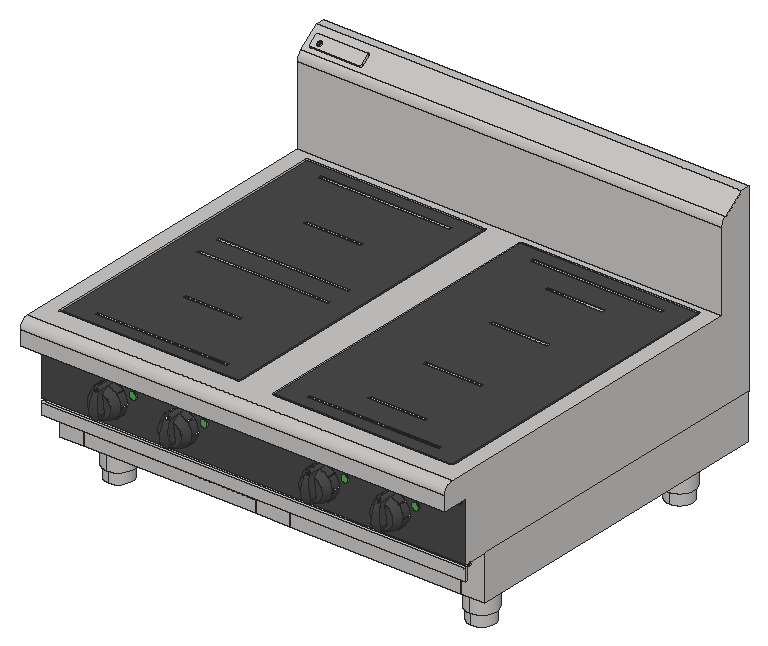
Revit family "QF_Moffat_INB8400R3F-B_Induction_Cooktop_cat", category Specialty Equipment, Revit 2019
Family settings
  Round Connector Dimension = Use Diameter
  Part Type = Normal
  Work Plane-Based = No
  Always vertical = Yes
  Cut with Voids When Loaded = No
  Shared = No
  Room Calculation Point = No
Parameters (values of type "INB8400R3F-B_415/60/3")
  Weight in Kilograms = 105
  Watts = 17000 W
  Volts = 415 V
  URL Cutsheet = ""
  Specification by User = ""
  Specification by Manufacturer = ""
  Show Logo [instance] = yes
  Serial Number = ""
  Seismic Rating = ""
  SMACNA No = ""
  Revision Code = ""
  Phase = 3
  Number of Poles = 1
  NAFEM Spec ID Number = ""
  Model = "INB8400R3F-B"
  Min Ckt Ampacity = 0 A
  Max Overcurrent Protection = 0 A
  Masterspec = ""
  Manufacturer = "Moffat"
  Length = 900 mm
  Item Number = ""
  Installed By = ""
  Identify Quantity as Lot = yes
  Height = 570 mm
  HP = ""
  Furnished By = ""
  Foodservice Equipment Identifier = yes
  FL Amps = 24 A
  Electrical Remarks = ""
  Electric Connection Type = ""
  Elec Conn RI Height = 0 mm
  Elec Conn Connection Height = 0 mm
  Description = "Induction Cooktop"
  Depth = 805 mm
  Cycle = 60 Hz
  Conn Plug = ""
  Conn Conduit = yes
  CSI MasterFormat = ""
  Apparent Power = if(Phase = 3, Volts * FL Amps * 1.73, Volts * FL Amps)  # 17230.8 VA
Reference planes
  plane 1 "BACK": y = 0
  plane 2: z = 0
  plane 3 "LEFT": x = 0
  plane 4 "RIGHT": x = 900
  plane 5 "FRONT": y = -805
  plane 6 "TOP": z = 570
  plane 7 "Center Y": x = 450
  plane 8 "Center X": y = -402.5
  plane 9: x = 65.5
  plane 10: y = -30
  plane 11: x = 770
  plane 12: z = 85
  plane 13: y = -100
  plane 14: y = -625
  plane 15: y = -70
  plane 16: z = 355
  plane 17: z = 75
  plane 18: x = 834.5
Forms (mm)
  Extrusion 1, solid, material "QF_Metal_Stainless_Polished"
    sketch origin (0, 0, 0) x (0, 1, 0) y (0, 0, 1)
      loop
        line (0, 180) -> (0, 570) -> (-18.182, 570) -> (-60.863, 538.99)
        arc (-60.863, 538.99) -> (-67.584, 531.121) -> (-70, 521.058) r 22.165
        line (-70, 521.058) -> (-70, 355) -> (-784.417, 355)
        arc (-784.417, 355) -> (-798.971, 348.971) -> (-805, 334.417) r 20.583
        line (-805, 334.417) -> (-805, 305) -> (-749, 305) -> (-749, 180) -> (0, 180)
    from 0 to 900
  Extrusion 2, void
    sketch origin (0, -784.171, 355) x (0, 1, 0) y (-1, 0, 0)
      loop
        arc (699.341, -37.323) -> (697.584, -33.08) -> (693.341, -31.323) r 6
        line (693.341, -31.323) -> (45.245, -31.323)
        arc (45.245, -31.323) -> (41.002, -33.08) -> (39.245, -37.323) r 6
        line (39.245, -37.323) -> (39.245, -410.105)
        arc (39.245, -410.105) -> (41.002, -414.347) -> (45.245, -416.105) r 6
        line (45.245, -416.105) -> (693.341, -416.105)
        arc (693.341, -416.105) -> (697.584, -414.347) -> (699.341, -410.105) r 6
        line (699.341, -410.105) -> (699.341, -37.323)
      loop
        line (699.341, -862.677) -> (699.341, -489.895)
        arc (699.341, -489.895) -> (697.584, -485.653) -> (693.341, -483.895) r 6
        line (693.341, -483.895) -> (45.245, -483.895)
        arc (45.245, -483.895) -> (41.002, -485.653) -> (39.245, -489.895) r 6
        line (39.245, -489.895) -> (39.245, -862.677)
        arc (39.245, -862.677) -> (41.002, -866.92) -> (45.245, -868.677) r 6
        line (45.245, -868.677) -> (693.341, -868.677)
        arc (693.341, -868.677) -> (697.584, -866.92) -> (699.341, -862.677) r 6
    from 0 to -9.5
  Extrusion 3, solid, material "QF_Plastic_Black_Smooth"
    sketch origin (0, -784.171, 355) x (0, 1, 0) y (-1, 0, 0)
      loop
        line (695.341, -410.105) -> (695.341, -37.323)
        arc (695.341, -37.323) -> (694.755, -35.908) -> (693.341, -35.323) r 2
        line (693.341, -35.323) -> (45.245, -35.323)
        arc (45.245, -35.323) -> (43.831, -35.908) -> (43.245, -37.323) r 2
        line (43.245, -37.323) -> (43.245, -410.105)
        arc (43.245, -410.105) -> (43.831, -411.519) -> (45.245, -412.105) r 2
        line (45.245, -412.105) -> (693.341, -412.105)
        arc (693.341, -412.105) -> (694.755, -411.519) -> (695.341, -410.105) r 2
      loop
        line (667.194, -86.598) -> (661.194, -86.598) -> (661.194, -363.75) -> (667.194, -363.75) -> (667.194, -86.598)
      loop
        line (526.611, -163.924) -> (526.611, -283.924) -> (532.611, -283.924) -> (532.611, -163.924) -> (526.611, -163.924)
      loop
        line (398.444, -86.598) -> (392.444, -86.598) -> (392.444, -363.75) -> (398.444, -363.75) -> (398.444, -86.598)
      loop
        line (345.944, -86.598) -> (339.944, -86.598) -> (339.944, -363.75) -> (345.944, -363.75) -> (345.944, -86.598)
      loop
        line (206.611, -163.924) -> (206.611, -283.924) -> (212.611, -283.924) -> (212.611, -163.924) -> (206.611, -163.924)
      loop
        line (77.194, -86.598) -> (71.194, -86.598) -> (71.194, -363.75) -> (77.194, -363.75) -> (77.194, -86.598)
      loop
        arc (695.341, -489.895) -> (694.755, -488.481) -> (693.341, -487.895) r 2
        line (693.341, -487.895) -> (45.245, -487.895)
        arc (45.245, -487.895) -> (43.831, -488.481) -> (43.245, -489.895) r 2
        line (43.245, -489.895) -> (43.245, -862.677)
        arc (43.245, -862.677) -> (43.831, -864.092) -> (45.245, -864.677) r 2
        line (45.245, -864.677) -> (693.341, -864.677)
        arc (693.341, -864.677) -> (694.755, -864.092) -> (695.341, -862.677) r 2
        line (695.341, -862.677) -> (695.341, -489.895)
      loop
        line (667.194, -813.402) -> (667.194, -536.25) -> (661.194, -536.25) -> (661.194, -813.402) -> (667.194, -813.402)
      loop
        line (601.611, -736.076) -> (607.611, -736.076) -> (607.611, -616.076) -> (601.611, -616.076) -> (601.611, -736.076)
      loop
        line (279.111, -736.076) -> (285.111, -736.076) -> (285.111, -616.076) -> (279.111, -616.076) -> (279.111, -736.076)
      loop
        line (77.194, -813.402) -> (77.194, -536.25) -> (71.194, -536.25) -> (71.194, -813.402) -> (77.194, -813.402)
      loop
        line (454.501, -736.076) -> (460.501, -736.076) -> (460.501, -616.076) -> (454.501, -616.076) -> (454.501, -736.076)
      loop
        line (131.211, -736.076) -> (137.211, -736.076) -> (137.211, -616.076) -> (131.211, -616.076) -> (131.211, -736.076)
    from 0 to -9.5
  Extrusion 4, solid, material "QF_Metal_Stainless_Polished"
    sketch origin (0, 0, 40) x (0, 1, 0) y (0, 0, 1)
      loop
        line (-739.467, 140) -> (-738.192, 134.838)
        arc (-738.192, 134.838) -> (-738.307, 134.302) -> (-738.799, 134.063) r 0.625
        line (-738.799, 134.063) -> (-746.111, 134.063)
        arc (-746.111, 134.063) -> (-748.011, 133.276) -> (-748.797, 131.377) r 2.686
        line (-748.797, 131.377) -> (-748.797, 107.627) -> (-747.197, 107.627) -> (-747.197, 131.242)
        arc (-747.197, 131.242) -> (-746.84, 132.105) -> (-745.976, 132.463) r 1.221
        line (-745.976, 132.463) -> (-738.755, 132.463)
        arc (-738.755, 132.463) -> (-737.028, 133.304) -> (-736.625, 135.182) r 2.194
        line (-736.625, 135.182) -> (-737.815, 140) -> (-739.467, 140)
    from 0 to 900
  Extrusion 5, solid, material "QF_Plastic_Black_Smooth"
    sketch origin (0, -749, 181.875) x (0, 0, 1) y (-1, 0, 0)
      loop
        circle (112.843, -13.157) r 5
      loop
        circle (112.843, -886.843) r 5
    from 0 to 1.6
  Extrusion 6, solid, material "QF_Metal_Stainless_Polished"
    sketch origin (450, -699, 85) x (0, 1, 0) y (1, 0, 0)
      loop
        circle (669, 320) r 6.35
    from 0 to 10
  Extrusion 7, solid, material "QF_Metal_Stainless_Polished"
    sketch origin (0, -699, 85) x (1, 0, 0) y (0, -1, 0)
      loop
        line (0, -699) -> (900, -699) -> (900, 0) -> (849.2, 0) -> (849.2, -25.4) -> (485.8, -25.4) -> (485.8, 0) -> (414.2, 0) -> (414.2, -25.4) -> (50.8, -25.4) -> (50.8, 0) -> (0, 0) -> (0, -699)
    from 0 to -95
  Extrusion 8, solid, material "QF_Metal_Stainless_Polished"
    sketch origin (50.8, -30, 85) x (0, 1, 0) y (0, 0, 1)
      loop
        line (-669, 0) -> (-643.6, 0) -> (-643.6, 26.45) -> (-669, 26.45) -> (-669, 0)
      loop
        line (-669, 32.45) -> (-643.6, 32.45) -> (-643.6, 66.4) -> (-669, 66.4) -> (-669, 32.45)
      loop
        line (-669, 67.4) -> (-643.6, 67.4) -> (-643.6, 95) -> (-669, 95) -> (-669, 67.4)
    from 0 to 363.4
  Revolve 9, solid, material "QF_Metal_Stainless_Polished"
    sketch origin (65.5, -4572, -304.8) x (0, 0, -1) y (0, -1, 0)
      loop
        line (-304.8, -4499.5) -> (-304.8, -4472) -> (-389.8, -4472) -> (-389.8, -4503.75) -> (-329.8, -4503.75) -> (-329.8, -4499.5) -> (-304.8, -4499.5)
      axis (-389.8, -4472) -> (-304.8, -4472)
    angle from 0 to 360
  Revolve 10, solid, material "QF_Metal_Stainless_Polished"
    sketch origin (65.5, -4572, -304.8) x (0, 0, -1) y (0, -1, 0)
      loop
        line (-304.8, -3974.5) -> (-304.8, -3947) -> (-389.8, -3947) -> (-389.8, -3978.75) -> (-329.8, -3978.75) -> (-329.8, -3974.5) -> (-304.8, -3974.5)
      axis (-389.8, -3947) -> (-304.8, -3947)
    angle from 0 to 360
  Revolve 11, solid, material "QF_Metal_Stainless_Polished"
    sketch origin (834.5, -4572, -304.8) x (0, 0, -1) y (0, 1, 0)
      loop
        line (-304.8, 4499.5) -> (-329.8, 4499.5) -> (-329.8, 4503.75) -> (-389.8, 4503.75) -> (-389.8, 4472) -> (-304.8, 4472) -> (-304.8, 4499.5)
      axis (-389.8, 4472) -> (-304.8, 4472)
    angle from 0 to 360
  Revolve 12, solid, material "QF_Metal_Stainless_Polished"
    sketch origin (834.5, -4572, -304.8) x (0, 0, -1) y (0, 1, 0)
      loop
        line (-304.8, 3974.5) -> (-329.8, 3974.5) -> (-329.8, 3978.75) -> (-389.8, 3978.75) -> (-389.8, 3947) -> (-304.8, 3947) -> (-304.8, 3974.5)
      axis (-389.8, 3947) -> (-304.8, 3947)
    angle from 0 to 360
  Extrusion 13, solid, material "QF_Metal_Stainless_Polished"
    sketch origin (900, 0, 0) x (-1, 0, 0) y (0, -1, 0)
      loop
        line (536.25, 122.976) -> (536.25, 116.976) -> (813.402, 116.976) -> (813.402, 122.976) -> (536.25, 122.976)
      loop
        line (736.076, 251.56) -> (736.076, 257.56) -> (616.076, 257.56) -> (616.076, 251.56) -> (736.076, 251.56)
      loop
        line (813.402, 385.726) -> (813.402, 391.726) -> (536.25, 391.726) -> (536.25, 385.726) -> (813.402, 385.726)
      loop
        line (813.402, 438.226) -> (813.402, 444.226) -> (536.25, 444.226) -> (536.25, 438.226) -> (813.402, 438.226)
      loop
        line (736.076, 571.56) -> (736.076, 577.56) -> (616.076, 577.56) -> (616.076, 571.56) -> (736.076, 571.56)
      loop
        line (536.25, 712.976) -> (536.25, 706.976) -> (813.402, 706.976) -> (813.402, 712.976) -> (536.25, 712.976)
      loop
        line (86.598, 712.976) -> (86.598, 706.976) -> (363.75, 706.976) -> (363.75, 712.976) -> (86.598, 712.976)
      loop
        line (163.924, 652.959) -> (163.924, 646.959) -> (283.924, 646.959) -> (283.924, 652.959) -> (163.924, 652.959)
      loop
        line (163.924, 505.06) -> (163.924, 499.06) -> (283.924, 499.06) -> (283.924, 505.06) -> (163.924, 505.06)
      loop
        line (163.924, 329.669) -> (163.924, 323.669) -> (283.924, 323.669) -> (283.924, 329.669) -> (163.924, 329.669)
      loop
        line (163.924, 182.56) -> (163.924, 176.56) -> (283.924, 176.56) -> (283.924, 182.56) -> (163.924, 182.56)
      loop
        line (86.598, 122.976) -> (86.598, 116.976) -> (363.75, 116.976) -> (363.75, 122.976) -> (86.598, 122.976)
    from 355 to 345.5
  Extrusion 14, solid, material "QF_Paint_Green"
    sketch origin (63.231, -748.999, 153.75) x (0, 0, 1) y (-1, 0, 0)
      loop
        circle (100.3, -282.5) r 7.15
    from 0 to 1.6
  Extrusion 15, solid, material "QF_Plastic_Black_Smooth"
    sketch origin (75, -748.999, 165.625) x (0, 0, 1) y (-1, 0, 0)
      loop
        circle (112.843, -225) r 5
    from 0 to 1.6
  Extrusion 16, solid, material "QF_Paint_Green"
    sketch origin (-86.769, -748.999, 153.75) x (0, 0, 1) y (-1, 0, 0)
      loop
        circle (100.3, -282.5) r 7.15
    from 0 to 1.6
  Extrusion 17, solid, material "QF_Plastic_Black_Smooth"
    sketch origin (-75, -748.999, 165.625) x (0, 0, 1) y (-1, 0, 0)
      loop
        circle (112.843, -225) r 5
    from 0 to 1.6
  Extrusion 18, solid, material "QF_Paint_Green"
    sketch origin (511.981, -748.999, 153.75) x (0, 0, 1) y (-1, 0, 0)
      loop
        circle (100.3, -282.5) r 7.15
    from 0 to 1.6
  Extrusion 19, solid, material "QF_Plastic_Black_Smooth"
    sketch origin (523.75, -748.999, 165.625) x (0, 0, 1) y (-1, 0, 0)
      loop
        circle (112.843, -225) r 5
    from 0 to 1.6
  Extrusion 20, solid, material "QF_Paint_Green"
    sketch origin (361.981, -748.999, 153.75) x (0, 0, 1) y (-1, 0, 0)
      loop
        circle (100.3, -282.5) r 7.15
    from 0 to 1.6
  Extrusion 21, solid, material "QF_Plastic_Black_Smooth"
    sketch origin (373.75, -748.999, 165.625) x (0, 0, 1) y (-1, 0, 0)
      loop
        circle (112.843, -225) r 5
    from 0 to 1.6
  Extrusion 22, solid, material "QF_Metal_Stainless_Polished"
    sketch origin (849.2, -30, 85) x (0, 1, 0) y (0, 0, -1)
      loop
        line (-669, 0) -> (-669, -26.45) -> (-643.6, -26.45) -> (-643.6, 0) -> (-669, 0)
      loop
        line (-669, -32.45) -> (-669, -66.4) -> (-643.6, -66.4) -> (-643.6, -32.45) -> (-669, -32.45)
      loop
        line (-669, -67.4) -> (-669, -95) -> (-643.6, -95) -> (-643.6, -67.4) -> (-669, -67.4)
    from 0 to 363.4
Cuts and joins
  Extrusion 2 cuts Extrusion 1
Lines and regions (mm)
  symbolic lines
    curve 1: line (0, 0, 0) -> (900, 0, 0)
    curve 2: line (0, -805, 0) -> (0, 0, 0)
    curve 3: line (900, -805, 0) -> (0, -805, 0)
    curve 4: line (900, 0, 0) -> (900, -805, 0)
    curve 5: line (0, -18.182, 0) -> (900, -18.182, 0)
    curve 6: line (0, -70, 0) -> (900, -70, 0)
    curve 7: line (37.323, -84.83, 0) -> (410.105, -84.83, 0)
    curve 8: arc (410.105, -84.83, 0) -> (414.347, -86.587, 0) -> (416.105, -90.83, 0) r 6
    curve 9: line (416.105, -90.83, 0) -> (416.105, -738.926, 0)
    curve 10: arc (416.105, -738.926, 0) -> (414.347, -743.168, 0) -> (410.105, -744.926, 0) r 6
    curve 11: line (410.105, -744.926, 0) -> (37.323, -744.926, 0)
    curve 12: arc (37.323, -744.926, 0) -> (33.08, -743.168, 0) -> (31.323, -738.926, 0) r 6
    curve 13: line (31.323, -738.926, 0) -> (31.323, -90.83, 0)
    curve 14: arc (31.323, -90.83, 0) -> (33.08, -86.587, 0) -> (37.323, -84.83, 0) r 6
    curve 15: line (410.105, -88.83, 0) -> (37.323, -88.83, 0)
    curve 16: arc (37.323, -88.83, 0) -> (35.908, -89.415, 0) -> (35.323, -90.83, 0) r 2
    curve 17: line (35.323, -90.83, 0) -> (35.323, -738.926, 0)
    curve 18: arc (35.323, -738.926, 0) -> (35.908, -740.34, 0) -> (37.323, -740.926, 0) r 2
    curve 19: line (37.323, -740.926, 0) -> (410.105, -740.926, 0)
    curve 20: arc (410.105, -740.926, 0) -> (411.519, -740.34, 0) -> (412.105, -738.926, 0) r 2
    curve 21: line (412.105, -738.926, 0) -> (412.105, -90.83, 0)
    curve 22: arc (412.105, -90.83, 0) -> (411.519, -89.415, 0) -> (410.105, -88.83, 0) r 2
    curve 23: line (416.105, -738.926, 0) -> (416.105, -90.83, 0)
    curve 24: line (412.105, -90.83, 0) -> (412.105, -738.926, 0)
    curve 25: line (862.677, -84.83, 0) -> (489.895, -84.83, 0)
    curve 26: arc (489.895, -84.83, 0) -> (485.653, -86.587, 0) -> (483.895, -90.83, 0) r 6
    curve 27: arc (483.895, -738.926, 0) -> (485.653, -743.168, 0) -> (489.895, -744.926, 0) r 6
    curve 28: line (489.895, -744.926, 0) -> (862.677, -744.926, 0)
    curve 29: arc (862.677, -744.926, 0) -> (866.92, -743.168, 0) -> (868.677, -738.926, 0) r 6
    curve 30: line (868.677, -738.926, 0) -> (868.677, -90.83, 0)
    curve 31: arc (868.677, -90.83, 0) -> (866.92, -86.587, 0) -> (862.677, -84.83, 0) r 6
    curve 32: line (489.895, -88.83, 0) -> (862.677, -88.83, 0)
    curve 33: arc (862.677, -88.83, 0) -> (864.092, -89.415, 0) -> (864.677, -90.83, 0) r 2
    curve 34: line (864.677, -90.83, 0) -> (864.677, -738.926, 0)
    curve 35: arc (864.677, -738.926, 0) -> (864.092, -740.34, 0) -> (862.677, -740.926, 0) r 2
    curve 36: line (862.677, -740.926, 0) -> (489.895, -740.926, 0)
    curve 37: arc (489.895, -740.926, 0) -> (488.481, -740.34, 0) -> (487.895, -738.926, 0) r 2
    curve 38: arc (487.895, -90.83, 0) -> (488.481, -89.415, 0) -> (489.895, -88.83, 0) r 2
    curve 39: line (487.895, -90.83, 0) -> (487.895, -738.926, 0)
    curve 40: arc (487.895, -738.926, 0) -> (488.481, -740.34, 0) -> (489.895, -740.926, 0) r 2
    curve 41: line (489.895, -740.926, 0) -> (862.677, -740.926, 0)
    curve 42: arc (862.677, -740.926, 0) -> (864.092, -740.34, 0) -> (864.677, -738.926, 0) r 2
    curve 43: line (864.677, -738.926, 0) -> (864.677, -90.83, 0)
    curve 44: arc (864.677, -90.83, 0) -> (864.092, -89.415, 0) -> (862.677, -88.83, 0) r 2
    curve 45: line (862.677, -88.83, 0) -> (489.895, -88.83, 0)
    curve 46: arc (489.895, -88.83, 0) -> (488.481, -89.415, 0) -> (487.895, -90.83, 0) r 2
    curve 47: line (483.895, -90.83, 0) -> (483.895, -738.926, 0)
    curve 48: arc (483.895, -738.926, 0) -> (485.653, -743.168, 0) -> (489.895, -744.926, 0) r 6
    curve 49: line (489.895, -744.926, 0) -> (862.677, -744.926, 0)
    curve 50: arc (862.677, -744.926, 0) -> (866.92, -743.168, 0) -> (868.677, -738.926, 0) r 6
    curve 51: line (868.677, -738.926, 0) -> (868.677, -90.83, 0)
    curve 52: arc (868.677, -90.83, 0) -> (866.92, -86.587, 0) -> (862.677, -84.83, 0) r 6
    curve 53: line (862.677, -84.83, 0) -> (489.895, -84.83, 0)
    curve 54: arc (489.895, -84.83, 0) -> (485.653, -86.587, 0) -> (483.895, -90.83, 0) r 6
    curve 55: line (86.598, -122.976, 0) -> (363.75, -122.976, 0)
    curve 56: line (363.75, -122.976, 0) -> (363.75, -116.976, 0)
    curve 57: line (363.75, -116.976, 0) -> (86.598, -116.976, 0)
    curve 58: line (86.598, -116.976, 0) -> (86.598, -122.976, 0)
    curve 59: line (283.924, -251.56, 0) -> (163.924, -251.56, 0)
    curve 60: line (163.924, -251.56, 0) -> (163.924, -257.56, 0)
    curve 61: line (163.924, -257.56, 0) -> (283.924, -257.56, 0)
    curve 62: line (283.924, -257.56, 0) -> (283.924, -251.56, 0)
    curve 63: line (536.25, -122.976, 0) -> (813.402, -122.976, 0)
    curve 64: line (813.402, -122.976, 0) -> (813.402, -116.976, 0)
    curve 65: line (813.402, -116.976, 0) -> (536.25, -116.976, 0)
    curve 66: line (536.25, -116.976, 0) -> (536.25, -122.976, 0)
    curve 67: line (736.076, -176.56, 0) -> (616.076, -176.56, 0)
    curve 68: line (616.076, -176.56, 0) -> (616.076, -182.56, 0)
    curve 69: line (616.076, -182.56, 0) -> (736.076, -182.56, 0)
    curve 70: line (736.076, -182.56, 0) -> (736.076, -176.56, 0)
    curve 71: line (736.076, -323.669, 0) -> (616.076, -323.669, 0)
    curve 72: line (616.076, -323.669, 0) -> (616.076, -329.669, 0)
    curve 73: line (616.076, -329.669, 0) -> (736.076, -329.669, 0)
    curve 74: line (736.076, -329.669, 0) -> (736.076, -323.669, 0)
    curve 75: line (736.076, -499.06, 0) -> (616.076, -499.06, 0)
    curve 76: line (616.076, -499.06, 0) -> (616.076, -505.06, 0)
    curve 77: line (616.076, -505.06, 0) -> (736.076, -505.06, 0)
    curve 78: line (736.076, -505.06, 0) -> (736.076, -499.06, 0)
    curve 79: line (736.076, -646.959, 0) -> (616.076, -646.959, 0)
    curve 80: line (616.076, -646.959, 0) -> (616.076, -652.959, 0)
    curve 81: line (616.076, -652.959, 0) -> (736.076, -652.959, 0)
    curve 82: line (736.076, -652.959, 0) -> (736.076, -646.959, 0)
    curve 83: line (813.402, -706.976, 0) -> (536.25, -706.976, 0)
    curve 84: line (536.25, -706.976, 0) -> (536.25, -712.976, 0)
    curve 85: line (536.25, -712.976, 0) -> (813.402, -712.976, 0)
    curve 86: line (813.402, -712.976, 0) -> (813.402, -706.976, 0)
    curve 87: line (86.598, -712.976, 0) -> (363.75, -712.976, 0)
    curve 88: line (363.75, -712.976, 0) -> (363.75, -706.976, 0)
    curve 89: line (363.75, -706.976, 0) -> (86.598, -706.976, 0)
    curve 90: line (86.598, -706.976, 0) -> (86.598, -712.976, 0)
    curve 91: line (283.924, -577.56, 0) -> (163.924, -577.56, 0)
    curve 92: line (163.924, -577.56, 0) -> (163.924, -571.56, 0)
    curve 93: line (163.924, -571.56, 0) -> (283.924, -571.56, 0)
    curve 94: line (283.924, -571.56, 0) -> (283.924, -577.56, 0)
    curve 95: line (86.598, -444.226, 0) -> (363.75, -444.226, 0)
    curve 96: line (363.75, -444.226, 0) -> (363.75, -438.226, 0)
    curve 97: line (363.75, -438.226, 0) -> (86.598, -438.226, 0)
    curve 98: line (86.598, -438.226, 0) -> (86.598, -444.226, 0)
    curve 99: line (86.598, -391.726, 0) -> (363.75, -391.726, 0)
    curve 100: line (363.75, -391.726, 0) -> (363.75, -385.726, 0)
    curve 101: line (363.75, -385.726, 0) -> (86.598, -385.726, 0)
    curve 102: line (86.598, -385.726, 0) -> (86.598, -391.726, 0)
Dimensions and locks
  equal spacing: plane 3 "LEFT", plane 7 "Center Y", plane 4 "RIGHT"
  "Length": plane 3 "LEFT" to plane 4 "RIGHT"
  equal spacing: plane 5 "FRONT", plane 8 "Center X", plane 1 "BACK"
  "Depth": plane 5 "FRONT" to plane 1 "BACK"
  "Height": plane 6 "TOP" to level
  plane 4 "RIGHT" to plane 3 "LEFT" = 900 mm
  plane 1 "BACK" to plane 5 "FRONT" = 805 mm
  plane 6 "TOP" to plane 2 = 570 mm
  locked: plane 11 to plane 4 "RIGHT" at 130
  plane 1 "BACK" to plane 10 = 30 mm
  plane 1 "BACK" to plane 13 to plane 14 = 100 mm, 525 mm
  plane 1 "BACK" to plane 15 = 70 mm
  plane 16 to level = 355 mm
  level to plane 12 = 85 mm
  plane 17 to level = 75 mm
  plane 11 to plane 4 "RIGHT" = 130 mm
  plane 18 to plane 9 = 769 mm
  locked: plane 4 "RIGHT" to plane 18 at 65.5
  aligned and locked: level to plane 2
  aligned and locked: plane 18 to Revolve 12
  aligned and locked: plane 18 to Revolve 11
  aligned and locked: Extrusion 7 sketch curve to plane 4 "RIGHT"
  aligned and locked: Extrusion 4 to plane 4 "RIGHT"
  aligned and locked: Extrusion 22 to Extrusion 7  (x2)
Automatic sketch dimensions
  Extrusion 1 sketch curve to plane 5 "FRONT" = 0 mm
  Extrusion 1 sketch curve to plane 16 = 0 mm
  Extrusion 1 sketch curve to plane 15 = 0 mm
  Extrusion 1 sketch curve to plane 6 "TOP" = 0 mm
  Extrusion 1 sketch curve to plane 1 "BACK" = 0 mm
  Extrusion 1 sketch curve to plane 5 "FRONT" = 20.583 mm
  Extrusion 1 sketch curve to plane 5 "FRONT" = 56 mm
  Extrusion 1 sketch curve to plane 15 = 9.137 mm
  plane 10 to Extrusion 1 sketch curve = 17.835 mm
  Extrusion 1 sketch curve to plane 10 = 11.818 mm
  Extrusion 1 sketch curve to Extrusion 1 sketch curve = 29.417 mm
  Extrusion 1 sketch curve to plane 12 = 95 mm
  Extrusion 1 sketch curve to plane 6 "TOP" = 48.942 mm
  Extrusion 4 sketch curve to plane 5 "FRONT" = 56.203 mm
  Extrusion 4 sketch curve to Extrusion 4 sketch curve = 1.6 mm
  Extrusion 4 sketch curve to Extrusion 4 sketch curve = 1.086 mm
  Extrusion 4 sketch curve to Extrusion 4 sketch curve = 0.135 mm  (x2)
  Extrusion 4 sketch curve to Extrusion 4 sketch curve = 6.644 mm
  Extrusion 4 sketch curve to Extrusion 4 sketch curve = 0.668 mm
  Extrusion 4 sketch curve to Extrusion 4 sketch curve = 0.044 mm
  Extrusion 4 sketch curve to Extrusion 4 sketch curve = 0.563 mm
  Extrusion 4 sketch curve to Extrusion 4 sketch curve = 1.652 mm
  Extrusion 4 sketch curve to Extrusion 4 sketch curve = 1.567 mm
  Extrusion 4 sketch curve to plane 12 = 62.627 mm
  Extrusion 4 sketch curve to Extrusion 4 sketch curve = 23.614 mm
  Extrusion 4 sketch curve to Extrusion 4 sketch curve = 0.594 mm
  Extrusion 4 sketch curve to Extrusion 4 sketch curve = 0.032 mm
  Extrusion 4 sketch curve to Extrusion 4 sketch curve = 5.162 mm
  Extrusion 1 to Extrusion 5 sketch curve = 10.282 mm  (x2)
  Extrusion 1 to Extrusion 5 sketch curve = 13.157 mm  (x2)
  plane 12 to Revolve 9 sketch curve = 0 mm
  Revolve 9 sketch curve to level = 0 mm  (x2)
  Revolve 9 sketch curve to plane 13 = 0 mm  (x2)
  plane 15 to Revolve 9 sketch curve = 2.5 mm
  level to Revolve 9 sketch curve = 25 mm
  Revolve 9 sketch curve to plane 15 = 1.75 mm
  Revolve 9 sketch curve to Revolve 9 sketch curve = 25 mm
  plane 12 to Revolve 10 sketch curve = 0 mm
  Revolve 10 sketch curve to level = 0 mm  (x2)
  Revolve 10 sketch curve to plane 14 = 0 mm  (x2)
  level to Revolve 10 sketch curve = 25 mm
  Revolve 10 sketch curve to Revolve 10 sketch curve = 27.5 mm
  Revolve 10 sketch curve to Revolve 10 sketch curve = 31.75 mm
  Revolve 10 sketch curve to Revolve 10 sketch curve = 25 mm
  plane 12 to Revolve 11 sketch curve = 0 mm
  Revolve 11 sketch curve to level = 0 mm  (x2)
  Revolve 11 sketch curve to plane 13 = 0 mm  (x2)
  plane 15 to Revolve 11 sketch curve = 2.5 mm
  Revolve 11 sketch curve to Revolve 11 sketch curve = 25 mm
  Revolve 11 sketch curve to plane 15 = 1.75 mm
  Revolve 11 sketch curve to level = 25 mm
  plane 12 to Revolve 12 sketch curve = 0 mm
  Revolve 12 sketch curve to level = 0 mm  (x2)
  Revolve 12 sketch curve to plane 14 = 0 mm  (x2)
  level to Revolve 12 sketch curve = 25 mm
  Revolve 12 sketch curve to plane 14 = 27.5 mm
  Revolve 12 sketch curve to Revolve 12 sketch curve = 4.25 mm
  Revolve 12 sketch curve to Revolve 12 sketch curve = 25 mm
  Extrusion 16 sketch curve to plane 16 = 100.95 mm
  Extrusion 16 sketch curve to plane 9 = 130.231 mm
  Extrusion 17 sketch curve to plane 16 = 76.532 mm
  Extrusion 17 sketch curve to plane 9 = 84.5 mm
  Extrusion 18 sketch curve to plane 11 = 24.481 mm
  Extrusion 18 sketch curve to plane 16 = 100.95 mm
  Extrusion 19 sketch curve to plane 16 = 76.532 mm
  plane 11 to Extrusion 19 sketch curve = 21.25 mm
  plane 12 to Extrusion 22 sketch curve = 0 mm
  plane 14 to Extrusion 22 sketch curve = 74 mm
  Extrusion 22 sketch curve to Extrusion 22 sketch curve = 0 mm  (x4)
  Extrusion 22 sketch curve to Extrusion 22 sketch curve = 25.4 mm
  Extrusion 22 sketch curve to plane 12 = 26.45 mm
  Extrusion 22 sketch curve to Extrusion 22 sketch curve = 6 mm
  Extrusion 22 sketch curve to Extrusion 22 sketch curve = 33.95 mm
  Extrusion 22 sketch curve to Extrusion 22 sketch curve = 1 mm
  Extrusion 22 sketch curve to Extrusion 22 sketch curve = 27.6 mm
  Extrusion 7 to Extrusion 6 sketch curve = 30 mm
  Extrusion 6 sketch curve to Extrusion 7 = 79.2 mm
  Extrusion 7 sketch curve to plane 3 "LEFT" = 0 mm
  plane 1 "BACK" to Extrusion 7 sketch curve = 0 mm
  plane 9 to Extrusion 7 sketch curve = 14.7 mm
  Extrusion 7 sketch curve to plane 7 "Center Y" = 35.8 mm
  plane 7 "Center Y" to Extrusion 7 sketch curve = 35.8 mm
  plane 18 to Extrusion 7 sketch curve = 14.7 mm
  plane 14 to Extrusion 7 sketch curve = 48.6 mm  (x2)
  Extrusion 7 sketch curve to Extrusion 7 sketch curve = 25.4 mm  (x3)
  Extrusion 8 sketch curve to Extrusion 7 = 0 mm  (x8)
  Extrusion 7 to Extrusion 8 sketch curve = 26.45 mm
  Extrusion 8 sketch curve to Extrusion 8 sketch curve = 6 mm
  Extrusion 7 to Extrusion 8 sketch curve = 28.6 mm
  Extrusion 8 sketch curve to Extrusion 8 sketch curve = 1 mm
  Extrusion 14 sketch curve to plane 7 "Center Y" = 104.269 mm
  Extrusion 14 sketch curve to plane 16 = 100.95 mm
  Extrusion 15 sketch curve to plane 16 = 76.532 mm
  Extrusion 15 sketch curve to plane 7 "Center Y" = 150 mm
  Extrusion 20 sketch curve to plane 16 = 100.95 mm
  plane 7 "Center Y" to Extrusion 20 sketch curve = 194.481 mm
  Extrusion 21 sketch curve to plane 16 = 76.532 mm
  plane 7 "Center Y" to Extrusion 21 sketch curve = 148.75 mm
  Extrusion 2 sketch curve to Extrusion 1 = 39.492 mm  (x2)
  Extrusion 2 sketch curve to Extrusion 2 sketch curve = 6 mm  (x6)
  Extrusion 1 to Extrusion 2 sketch curve = 20.83 mm  (x4)
  Extrusion 1 to Extrusion 2 sketch curve = 31.323 mm
  Extrusion 2 sketch curve to Extrusion 2 sketch curve = 372.782 mm
  Extrusion 2 sketch curve to Extrusion 2 sketch curve = 67.791 mm
  Extrusion 1 to Extrusion 2 sketch curve = 37.323 mm
  Extrusion 3 sketch curve to Extrusion 1 = 43.492 mm  (x2)
  Extrusion 3 sketch curve to Extrusion 3 sketch curve = 2 mm  (x6)
  Extrusion 3 sketch curve to Extrusion 3 sketch curve = 25.949 mm  (x2)
  Extrusion 3 sketch curve to Extrusion 3 sketch curve = 6 mm  (x12)
  Extrusion 3 sketch curve to Extrusion 3 sketch curve = 54.017 mm
  Extrusion 3 sketch curve to Extrusion 3 sketch curve = 129.416 mm
  Extrusion 3 sketch curve to Extrusion 3 sketch curve = 141.899 mm
  Extrusion 3 sketch curve to Extrusion 3 sketch curve = 127.334 mm
  Extrusion 3 sketch curve to Extrusion 3 sketch curve = 46.5 mm
  Extrusion 3 sketch curve to Extrusion 3 sketch curve = 169.391 mm
  Extrusion 3 sketch curve to Extrusion 3 sketch curve = 128.166 mm
  Extrusion 1 to Extrusion 3 sketch curve = 112.56 mm
  Extrusion 1 to Extrusion 3 sketch curve = 52.976 mm  (x2)
  Extrusion 1 to Extrusion 3 sketch curve = 20.83 mm  (x4)
  Extrusion 1 to Extrusion 3 sketch curve = 35.323 mm
  Extrusion 3 sketch curve to Extrusion 3 sketch curve = 49.275 mm  (x2)
  Extrusion 3 sketch curve to Extrusion 3 sketch curve = 77.326 mm  (x2)
  Extrusion 1 to Extrusion 3 sketch curve = 163.924 mm
  Extrusion 3 sketch curve to Extrusion 3 sketch curve = 0 mm  (x3)
  Extrusion 3 sketch curve to Extrusion 3 sketch curve = 120 mm  (x6)
  Extrusion 3 sketch curve to Extrusion 3 sketch curve = 79.826 mm  (x4)
  Extrusion 3 sketch curve to Extrusion 3 sketch curve = 46.355 mm  (x3)
  Extrusion 3 sketch curve to Extrusion 3 sketch curve = 75.791 mm
  Extrusion 3 sketch curve to Extrusion 3 sketch curve = 252.326 mm
  Extrusion 1 to Extrusion 3 sketch curve = 86.598 mm  (x3)
  Extrusion 1 to Extrusion 3 sketch curve = 37.323 mm
  Extrusion 13 sketch curve to plane 13 = 22.976 mm
  plane 7 "Center Y" to Extrusion 13 sketch curve = 86.25 mm  (x3)
  plane 9 to Extrusion 13 sketch curve = 21.098 mm  (x4)
  Extrusion 13 sketch curve to Extrusion 13 sketch curve = 6 mm  (x11)
  Extrusion 13 sketch curve to Extrusion 13 sketch curve = 79.826 mm  (x3)
  plane 9 to Extrusion 13 sketch curve = 98.424 mm  (x2)
  Extrusion 13 sketch curve to Extrusion 13 sketch curve = 128.584 mm
  Extrusion 13 sketch curve to plane 8 "Center X" = 16.774 mm
  Extrusion 13 sketch curve to Extrusion 13 sketch curve = 0 mm
  plane 8 "Center X" to Extrusion 13 sketch curve = 35.726 mm
  plane 14 to Extrusion 13 sketch curve = 53.44 mm
  plane 14 to Extrusion 13 sketch curve = 47.44 mm
  Extrusion 13 sketch curve to plane 14 = 81.976 mm
  Extrusion 13 sketch curve to plane 7 "Center Y" = 86.25 mm  (x2)
  plane 18 to Extrusion 13 sketch curve = 21.098 mm  (x2)
  Extrusion 13 sketch curve to plane 14 = 87.976 mm
  Extrusion 13 sketch curve to plane 11 = 33.924 mm  (x4)
  Extrusion 13 sketch curve to plane 14 = 27.959 mm
  Extrusion 13 sketch curve to Extrusion 13 sketch curve = 120 mm  (x3)
  plane 8 "Center X" to Extrusion 13 sketch curve = 102.56 mm
  Extrusion 13 sketch curve to plane 8 "Center X" = 72.831 mm
  Extrusion 13 sketch curve to plane 13 = 82.56 mm
  Extrusion 13 sketch curve to plane 13 = 16.976 mm
  curve 8 to curve 22 = 0 mm
  curve 10 to curve 20 = 0 mm  (x2)
  curve 12 to curve 18 = 0 mm  (x2)
  curve 14 to curve 16 = 0 mm  (x2)
  curve 27 to curve 37 = 0 mm
  curve 27 to curve 40 = 0 mm
  curve 29 to curve 35 = 0 mm
  curve 33 to curve 52 = 0 mm
  curve 42 to curve 50 = 0 mm
  curve 44 to curve 52 = 0 mm
  curve 46 to curve 54 = 0 mm
  plane 1 "BACK" to curve 1 = 0 mm
  curve 1 to plane 3 "LEFT" = 0 mm
  curve 6 to plane 4 "RIGHT" = 0 mm
  plane 5 "FRONT" to curve 3 = 0 mm
  plane 15 to curve 6 = 0 mm
  plane 3 "LEFT" to curve 13 = 31.323 mm
  curve 13 to curve 17 = 4 mm
  curve 16 to curve 16 = 2 mm
  curve 17 to curve 18 = 2 mm
  curve 102 to plane 9 = 21.098 mm
  curve 57 to plane 9 = 21.098 mm
  curve 87 to plane 9 = 21.098 mm
  curve 95 to plane 9 = 21.098 mm
  curve 91 to plane 14 = 47.44 mm
  curve 91 to plane 9 = 98.424 mm
  curve 60 to plane 9 = 98.424 mm
  curve 60 to curve 61 = 120 mm
  curve 93 to plane 14 = 53.44 mm
  curve 92 to curve 93 = 120 mm
  curve 96 to plane 8 "Center X" = 41.726 mm
  curve 96 to plane 7 "Center Y" = 86.25 mm
  plane 8 "Center X" to curve 99 = 10.774 mm
  curve 99 to curve 96 = 0 mm
  plane 13 to curve 56 = 16.976 mm
  curve 56 to plane 7 "Center Y" = 86.25 mm
  curve 89 to plane 7 "Center Y" = 86.25 mm
  curve 8 to plane 13 = 9.17 mm
  curve 8 to plane 7 "Center Y" = 39.895 mm
  curve 10 to plane 7 "Center Y" = 39.895 mm
  curve 8 to curve 21 = 2 mm
  plane 7 "Center Y" to curve 47 = 33.895 mm
  curve 27 to curve 39 = 4 mm
  curve 46 to curve 45 = 2 mm
  curve 37 to curve 36 = 2 mm
  plane 13 to curve 66 = 22.976 mm
  curve 46 to curve 66 = 46.355 mm
  curve 27 to curve 85 = 46.355 mm
  curve 63 to curve 67 = 79.826 mm
  plane 11 to curve 77 = 153.924 mm
  plane 14 to curve 80 = 21.959 mm
  curve 83 to curve 80 = 79.826 mm
  plane 8 "Center X" to curve 73 = 72.831 mm
  curve 73 to curve 68 = 0 mm
  plane 11 to curve 77 = 33.924 mm
  plane 11 to curve 67 = 33.924 mm
  plane 11 to curve 71 = 33.924 mm
  plane 11 to curve 81 = 33.924 mm
  curve 63 to plane 18 = 21.098 mm
  curve 85 to plane 18 = 21.098 mm
  plane 18 to curve 42 = 28.177 mm
  curve 32 to plane 13 = 11.17 mm
  plane 18 to curve 32 = 28.177 mm
  curve 31 to curve 34 = 2 mm
  curve 49 to plane 5 "FRONT" = 60.074 mm
  curve 11 to plane 5 "FRONT" = 60.074 mm
  curve 27 to curve 84 = 25.949 mm
  curve 10 to curve 87 = 25.949 mm
  curve 85 to curve 83 = 6 mm
  curve 87 to curve 90 = 6 mm
  curve 81 to curve 79 = 6 mm
  curve 78 to plane 8 "Center X" = 102.56 mm
  curve 77 to curve 75 = 6 mm
  curve 95 to curve 98 = 6 mm
  curve 99 to curve 100 = 6 mm
  curve 73 to curve 74 = 6 mm
  plane 8 "Center X" to curve 62 = 144.94 mm
  curve 61 to curve 62 = 6 mm
  plane 13 to curve 70 = 82.56 mm
  curve 68 to curve 68 = 6 mm
  curve 58 to curve 57 = 6 mm
  curve 63 to curve 65 = 6 mm
  curve 5 to plane 10 = 11.818 mm
  radius of Extrusion 5 sketch curve = 5 mm  (x2)
  radius of Extrusion 16 sketch curve = 7.15 mm
  radius of Extrusion 17 sketch curve = 5 mm
  radius of Extrusion 18 sketch curve = 7.15 mm
  radius of Extrusion 19 sketch curve = 5 mm
  radius of Extrusion 6 sketch curve = 6.35 mm
  radius of Extrusion 14 sketch curve = 7.15 mm
  radius of Extrusion 15 sketch curve = 5 mm
  radius of Extrusion 20 sketch curve = 7.15 mm
  radius of Extrusion 21 sketch curve = 5 mm
Nested families
  nested 1: "QF_LOGO_Waldorf" at (12, -52.35, 545.175), visible <- "Show Logo", type "QF_LOGO_Waldorf"
  nested 2: "Knob" at (267.5, -739.499, 200.75), type "Knob"
  nested 3: "Knob" at (117.5, -739.499, 200.75), type "Knob"
  nested 4: "Knob" at (716.25, -739.499, 200.75), type "Knob"
  nested 5: "Knob" at (566.25, -739.499, 200.75), type "Knob"
Connectors
  electrical at (770, -30, 75), driven by "Volts", driven by "Watts"
    settings: on Extrusion 6, index 3, voltage 415 V, apparent load 17000 VA, apparent load phase1 0 VA, apparent load phase2 0 VA, apparent load phase3 0 VA, power factor 1, load classification "Other", number of poles 1, system type 30, power factor state 1, is connector primary yes, connector utility no, sub classification motor no, connector description "ELECTRICAL CONNECTION"
Definition of nested family "QF_LOGO_Waldorf"
  Parameters (values of type "QF_LOGO_Waldorf")
    Weight in Pounds = 0
    URL Cutsheet = ""
    Specification by User = ""
    Specification by Manufacturer = ""
    Serial Number = ""
    Seismic Rating = ""
    SMACNA No = ""
    Revision Code = ""
    NAFEM Spec ID Number = ""
    Masterspec = ""
    Length = 138 mm
    Item Number = ""
    Installed By = ""
    Identify Quantity as Lot = yes
    Height = 26.711 mm
    Furnished By = ""
    Foodservice Equipment Identifier = yes
    Depth = 3.175 mm
    CSI MasterFormat = ""
  Reference planes
    plane 1 "BACK": y = 0
    plane 2: z = 0
    plane 3 "LEFT": x = 0
    plane 4 "RIGHT": x = 138
    plane 5 "FRONT": y = -3.175
    plane 6 "TOP": z = 26.711
    plane 7 "Center Y": x = 69
    plane 8 "Center X": y = -1.587
  Forms (mm)
    Extrusion 1, solid
      sketch origin (0, 0, 0) x (1, 0, 0) y (0, 0.809017, 0.587785)
        loop
          line (109, 3.464) -> (109, 23.247)
          spline (109, 23.247) -> (108.966, 23.699) -> (108.864, 24.143) -> (108.696, 24.572) -> (108.464, 24.979) -> (108.173, 25.355) -> (107.828, 25.696) -> (107.435, 25.995) -> (107, 26.247) -> (106.531, 26.447) -> (106.035, 26.593) -> (105.522, 26.681) -> (105, 26.711)
          line (105, 26.711) -> (4, 26.711)
          spline (4, 26.711) -> (3.478, 26.681) -> (2.965, 26.593) -> (2.469, 26.447) -> (2, 26.247) -> (1.565, 25.995) -> (1.172, 25.696) -> (0.827, 25.355) -> (0.536, 24.979) -> (0.304, 24.572) -> (0.136, 24.143) -> (0.034, 23.699) -> (0, 23.247)
          line (0, 23.247) -> (0, 3.464)
          spline (0, 3.464) -> (0.034, 3.012) -> (0.136, 2.568) -> (0.304, 2.138) -> (0.536, 1.732) -> (0.827, 1.355) -> (1.172, 1.015) -> (1.565, 0.716) -> (2, 0.464) -> (2.469, 0.264) -> (2.965, 0.118) -> (3.478, 0.03) -> (4, 0)
          line (4, 0) -> (105, 0)
          spline (105, 0) -> (105.522, 0.03) -> (106.035, 0.118) -> (106.531, 0.264) -> (107, 0.464) -> (107.435, 0.716) -> (107.828, 1.015) -> (108.173, 1.355) -> (108.464, 1.732) -> (108.696, 2.138) -> (108.864, 2.568) -> (108.966, 3.012) -> (109, 3.464)
        loop
          line (14.75, 7.005) -> (14.75, 15.654)
          arc (14.75, 15.654) -> (10.425, 11.329) -> (14.75, 7.005) r 4.325
        loop
          line (15.25, 15.654) -> (15.25, 7.005)
          arc (15.25, 7.005) -> (19.575, 11.329) -> (15.25, 15.654) r 4.325
      from 0 to 3.2
    Extrusion 2, solid
      sketch origin (0, 0, 0) x (1, 0, 0) y (0, 0.809017, 0.587785)
        loop
          line (15.25, 15.654) -> (15.25, 7.005)
          arc (15.25, 7.005) -> (19.575, 11.329) -> (15.25, 15.654) r 4.325
      from 0 to 3.2
    Extrusion 3, solid
      sketch origin (16.271, 0, 0) x (-1, 0, 0) y (0, -0.809017, -0.587785)
        loop
          arc (1.521, -15.654) -> (5.846, -11.329) -> (1.521, -7.005) r 4.325
          line (1.521, -7.005) -> (1.521, -15.654)
      from 0 to 3.2
  Lines and regions (mm)
    Split face 1
      outline origin (0, -1.881, 2.589) x (1, 0, 0) y (0, 0.809017, 0.587785)
        loop
          spline (22.129, 16.975) -> (22.389, 15.984) -> (22.649, 15.002) -> (22.91, 14.028) -> (23.172, 13.065) -> (23.433, 12.11) -> (23.695, 11.166) -> (23.956, 10.232) -> (24.218, 9.308) -> (24.479, 8.396) -> (24.74, 7.495) -> (25, 6.605) -> (25.26, 5.728)
          line (25.26, 5.728) -> (29.463, 5.728)
          spline (29.463, 5.728) -> (29.582, 6.252) -> (29.701, 6.78) -> (29.82, 7.313) -> (29.939, 7.85) -> (30.058, 8.391) -> (30.178, 8.936) -> (30.297, 9.485) -> (30.416, 10.038) -> (30.536, 10.594) -> (30.655, 11.155) -> (30.775, 11.719) -> (30.894, 12.287)
          spline (30.894, 12.287) -> (31.018, 11.719) -> (31.142, 11.155) -> (31.266, 10.594) -> (31.39, 10.038) -> (31.514, 9.485) -> (31.638, 8.936) -> (31.762, 8.391) -> (31.885, 7.85) -> (32.009, 7.313) -> (32.133, 6.78) -> (32.256, 6.252) -> (32.379, 5.728)
          line (32.379, 5.728) -> (36.51, 5.728)
          spline (36.51, 5.728) -> (36.766, 6.605) -> (37.023, 7.495) -> (37.28, 8.396) -> (37.538, 9.308) -> (37.795, 10.232) -> (38.053, 11.166) -> (38.311, 12.11) -> (38.569, 13.065) -> (38.826, 14.028) -> (39.083, 15.002) -> (39.34, 15.984) -> (39.597, 16.975)
          line (39.597, 16.975) -> (35.637, 16.975)
          spline (35.637, 16.975) -> (35.523, 16.334) -> (35.41, 15.697) -> (35.296, 15.063) -> (35.182, 14.433) -> (35.068, 13.807) -> (34.954, 13.185) -> (34.84, 12.566) -> (34.726, 11.952) -> (34.612, 11.342) -> (34.497, 10.737) -> (34.383, 10.135) -> (34.269, 9.538)
          spline (34.269, 9.538) -> (34.138, 10.135) -> (34.008, 10.737) -> (33.877, 11.342) -> (33.746, 11.952) -> (33.616, 12.566) -> (33.485, 13.185) -> (33.354, 13.807) -> (33.224, 14.433) -> (33.093, 15.063) -> (32.963, 15.697) -> (32.833, 16.334) -> (32.703, 16.975)
          line (32.703, 16.975) -> (29.247, 16.975)
          spline (29.247, 16.975) -> (29.111, 16.334) -> (28.974, 15.697) -> (28.837, 15.063) -> (28.7, 14.433) -> (28.562, 13.807) -> (28.425, 13.185) -> (28.288, 12.566) -> (28.15, 11.952) -> (28.013, 11.342) -> (27.875, 10.737) -> (27.738, 10.135) -> (27.6, 9.538)
          spline (27.6, 9.538) -> (27.483, 10.135) -> (27.366, 10.737) -> (27.249, 11.342) -> (27.132, 11.952) -> (27.015, 12.566) -> (26.897, 13.185) -> (26.78, 13.807) -> (26.663, 14.433) -> (26.546, 15.063) -> (26.43, 15.697) -> (26.313, 16.334) -> (26.196, 16.975)
          line (26.196, 16.975) -> (22.129, 16.975)
    Split face 2
      outline origin (0, -1.881, 2.589) x (1, 0, 0) y (0, 0.809017, 0.587785)
        loop
          line (51.449, 5.728) -> (51.035, 6.606) -> (51.035, 11.169)
          spline (51.035, 11.169) -> (50.686, 12.42) -> (50.176, 13.224) -> (49.51, 13.708) -> (48.693, 13.995) -> (47.747, 14.152) -> (46.698, 14.207) -> (45.579, 14.186) -> (44.419, 14.114) -> (43.279, 13.929) -> (42.249, 13.481) -> (41.424, 12.614) -> (40.897, 11.169)
          line (40.897, 11.169) -> (44.617, 11.169) -> (44.988, 11.965)
          spline (44.988, 11.965) -> (47.294, 11.682) -> (46.856, 10.932) -> (45.527, 10.609) -> (43.858, 10.439) -> (42.259, 10.123) -> (41.078, 9.417) -> (40.563, 8.246) -> (40.689, 6.989) -> (41.407, 6.052) -> (42.774, 5.536) -> (44.847, 5.497) -> (47.306, 6.602)
          line (47.306, 6.602) -> (47.624, 5.728) -> (51.449, 5.728)
    Split face 3
      outline origin (0, -1.881, 2.589) x (1, 0, 0) y (0, 0.809017, 0.587785)
        loop
          line (47.264, 9.264) -> (44.938, 8.597)
          spline (44.938, 8.597) -> (44.508, 8.228) -> (44.402, 7.9) -> (44.548, 7.626) -> (44.877, 7.42) -> (45.317, 7.295) -> (45.797, 7.265) -> (46.252, 7.342) -> (46.65, 7.525) -> (46.971, 7.813) -> (47.194, 8.201) -> (47.298, 8.685) -> (47.264, 9.264)
    Split face 4
      outline origin (0, -1.881, 2.589) x (1, 0, 0) y (0, 0.809017, 0.587785)
        loop
          line (53.33, 16.975) -> (53.33, 5.728) -> (57.173, 5.728) -> (57.173, 16.975) -> (53.33, 16.975)
    Split face 5
      outline origin (0, -1.881, 2.589) x (1, 0, 0) y (0, 0.809017, 0.587785)
        loop
          line (65.795, 16.975) -> (65.795, 12.976)
          spline (65.795, 12.976) -> (63.839, 14.082) -> (62.087, 14.096) -> (60.633, 13.343) -> (59.574, 12.148) -> (58.99, 10.806) -> (58.867, 9.452) -> (59.156, 8.159) -> (59.81, 7) -> (60.786, 6.056) -> (62.111, 5.514) -> (63.868, 5.634) -> (66.137, 6.679)
          line (66.137, 6.679) -> (66.137, 5.728) -> (69.511, 5.728) -> (69.511, 16.975) -> (65.795, 16.975)
    Split face 6
      outline origin (0, -1.881, 2.589) x (1, 0, 0) y (0, 0.809017, 0.587785)
        loop
          spline (64.273, 7.499) -> (64.754, 7.57) -> (65.202, 7.777) -> (65.587, 8.106) -> (65.882, 8.535) -> (66.067, 9.034) -> (66.131, 9.57) -> (66.067, 10.106) -> (65.882, 10.605) -> (65.587, 11.034) -> (65.202, 11.363) -> (64.754, 11.57) -> (64.273, 11.64)
          spline (64.273, 11.64) -> (63.793, 11.57) -> (63.345, 11.363) -> (62.96, 11.034) -> (62.665, 10.605) -> (62.479, 10.106) -> (62.416, 9.57) -> (62.479, 9.034) -> (62.665, 8.535) -> (62.96, 8.106) -> (63.345, 7.777) -> (63.793, 7.57) -> (64.273, 7.499)
    Split face 7
      outline origin (0, -1.881, 2.589) x (1, 0, 0) y (0, 0.809017, 0.587785)
        loop
          spline (76.449, 5.305) -> (77.855, 5.457) -> (79.166, 5.901) -> (80.291, 6.607) -> (81.155, 7.527) -> (81.698, 8.599) -> (81.883, 9.749) -> (81.698, 10.899) -> (81.155, 11.97) -> (80.291, 12.891) -> (79.166, 13.597) -> (77.855, 14.041) -> (76.449, 14.192)
          spline (76.449, 14.192) -> (75.042, 14.041) -> (73.731, 13.597) -> (72.606, 12.891) -> (71.742, 11.97) -> (71.199, 10.899) -> (71.014, 9.749) -> (71.199, 8.599) -> (71.742, 7.527) -> (72.606, 6.607) -> (73.731, 5.901) -> (75.042, 5.457) -> (76.449, 5.305)
    Split face 8
      outline origin (0, -1.881, 2.589) x (1, 0, 0) y (0, 0.809017, 0.587785)
        loop
          spline (76.449, 7.654) -> (76.841, 7.725) -> (77.206, 7.934) -> (77.52, 8.267) -> (77.76, 8.701) -> (77.912, 9.206) -> (77.963, 9.749) -> (77.912, 10.291) -> (77.76, 10.796) -> (77.52, 11.23) -> (77.206, 11.563) -> (76.841, 11.772) -> (76.449, 11.843)
          spline (76.449, 11.843) -> (76.057, 11.772) -> (75.691, 11.563) -> (75.378, 11.23) -> (75.137, 10.796) -> (74.986, 10.291) -> (74.934, 9.749) -> (74.986, 9.206) -> (75.137, 8.701) -> (75.378, 8.267) -> (75.691, 7.934) -> (76.057, 7.725) -> (76.449, 7.654)
    Split face 9
      outline origin (0, -1.881, 2.589) x (1, 0, 0) y (0, 0.809017, 0.587785)
        loop
          line (86.998, 12.335) -> (86.998, 13.879) -> (83.479, 13.879) -> (83.479, 5.728) -> (87.312, 5.728) -> (87.312, 8.975)
          spline (87.312, 8.975) -> (87.364, 9.356) -> (87.458, 9.686) -> (87.594, 9.968) -> (87.769, 10.204) -> (87.982, 10.398) -> (88.229, 10.55) -> (88.509, 10.666) -> (88.82, 10.746) -> (89.16, 10.794) -> (89.525, 10.812) -> (89.915, 10.803) -> (90.327, 10.77)
          line (90.327, 10.77) -> (90.327, 14.113)
          spline (90.327, 14.113) -> (89.929, 14.127) -> (89.552, 14.111) -> (89.197, 14.066) -> (88.865, 13.991) -> (88.554, 13.887) -> (88.266, 13.754) -> (87.999, 13.591) -> (87.755, 13.399) -> (87.532, 13.177) -> (87.332, 12.926) -> (87.154, 12.645) -> (86.998, 12.335)
    Split face 10
      outline origin (0, -1.881, 2.589) x (1, 0, 0) y (0, 0.809017, 0.587785)
        loop
          line (92.082, 13.879) -> (90.894, 13.879) -> (90.894, 11.972) -> (92.082, 11.972) -> (92.082, 5.728) -> (95.871, 5.728) -> (95.871, 11.972) -> (97.5, 11.972) -> (97.5, 13.879) -> (95.871, 13.879)
          spline (95.871, 13.879) -> (95.843, 14.088) -> (95.845, 14.278) -> (95.877, 14.447) -> (95.939, 14.596) -> (96.03, 14.726) -> (96.151, 14.835) -> (96.301, 14.925) -> (96.482, 14.995) -> (96.692, 15.045) -> (96.931, 15.075) -> (97.201, 15.085) -> (97.5, 15.076)
          line (97.5, 15.076) -> (97.5, 17.266) -> (95.367, 17.266)
          spline (95.367, 17.266) -> (94.982, 17.253) -> (94.58, 17.21) -> (94.174, 17.132) -> (93.774, 17.013) -> (93.39, 16.846) -> (93.034, 16.627) -> (92.717, 16.349) -> (92.448, 16.007) -> (92.24, 15.595) -> (92.102, 15.106) -> (92.046, 14.537) -> (92.082, 13.879)
  Dimensions and locks
    equal spacing: plane 3 "LEFT", plane 7 "Center Y", plane 4 "RIGHT"
    "Length": plane 3 "LEFT" to plane 4 "RIGHT"
    equal spacing: plane 5 "FRONT", plane 8 "Center X", plane 1 "BACK"
    "Depth": plane 5 "FRONT" to plane 1 "BACK"
    "Height": plane 6 "TOP" to level
    plane 4 "RIGHT" to plane 3 "LEFT" = 138 mm
    aligned and locked: level to plane 2
  Automatic sketch dimensions
    Extrusion 1 sketch curve to plane 3 "LEFT" = 0 mm
    plane 3 "LEFT" to Extrusion 1 sketch curve = 4 mm  (x2)
    Extrusion 1 sketch curve to Extrusion 1 sketch curve = 10.75 mm
    Extrusion 1 sketch curve to Extrusion 1 sketch curve = 0.5 mm
    plane 4 "RIGHT" to Extrusion 1 sketch curve = 33 mm
    Extrusion 1 sketch curve to Extrusion 1 sketch curve = 0 mm  (x3)
    Extrusion 1 sketch curve to Extrusion 1 sketch curve = 4 mm
    Extrusion 1 sketch curve to Extrusion 1 sketch curve = 3.464 mm  (x3)
    Extrusion 1 sketch curve to Extrusion 1 sketch curve = 3.541 mm
    Extrusion 1 sketch curve to Extrusion 1 sketch curve = 4.325 mm
    Extrusion 1 sketch curve to Extrusion 1 sketch curve = 19.783 mm
    Extrusion 1 sketch curve to Extrusion 1 sketch curve = 7.592 mm
    plane 3 "LEFT" to Extrusion 2 sketch curve = 15.25 mm
    Extrusion 2 sketch curve to Extrusion 2 sketch curve = 4.325 mm
    plane 3 "LEFT" to Extrusion 3 sketch curve = 14.75 mm
    Extrusion 3 sketch curve to Extrusion 3 sketch curve = 4.325 mm
    Extrusion 1 to Split face 1 sketch curve = 6.879 mm
    Split face 1 sketch curve to Extrusion 1 = 5.728 mm
    Split face 1 sketch curve to Split face 1 sketch curve = 3.132 mm
    Split face 1 sketch curve to Split face 1 sketch curve = 4.068 mm
    Split face 1 sketch curve to Split face 1 sketch curve = 3.051 mm
    Split face 1 sketch curve to Split face 1 sketch curve = 4.203 mm
    Split face 1 sketch curve to Split face 1 sketch curve = 2.916 mm
    Split face 1 sketch curve to Split face 1 sketch curve = 3.456 mm
    Split face 1 sketch curve to Split face 1 sketch curve = 2.934 mm
    Split face 1 sketch curve to Split face 1 sketch curve = 4.131 mm
    Split face 1 sketch curve to Split face 1 sketch curve = 3.96 mm
    Split face 1 sketch curve to Split face 1 sketch curve = 0 mm  (x2)
    Split face 1 sketch curve to Extrusion 1 = 9.736 mm  (x2)
    Extrusion 1 to Split face 1 sketch curve = 6.337 mm
    Extrusion 1 to Split face 1 sketch curve = 6.231 mm
    Extrusion 1 to Split face 1 sketch curve = 3.184 mm
    Extrusion 1 to Split face 1 sketch curve = 13.135 mm
    Split face 1 sketch curve to Split face 1 sketch curve = 4.652 mm
    Split face 1 sketch curve to Split face 1 sketch curve = 3.593 mm
    Split face 1 sketch curve to Split face 1 sketch curve = 1.863 mm
    Split face 1 sketch curve to Split face 1 sketch curve = 0.713 mm
    Split face 1 sketch curve to Split face 1 sketch curve = 2.684 mm
    Split face 1 sketch curve to Split face 1 sketch curve = 3.294 mm
    Split face 1 sketch curve to Split face 1 sketch curve = 0.459 mm
    Split face 1 sketch curve to Split face 1 sketch curve = 2.775 mm
    Split face 1 sketch curve to Split face 1 sketch curve = 1.89 mm
    Split face 1 sketch curve to Split face 1 sketch curve = 0.685 mm
    Split face 1 sketch curve to Split face 1 sketch curve = 9.486 mm
    Split face 1 sketch curve to Split face 1 sketch curve = 16.213 mm
    Split face 1 sketch curve to Split face 1 sketch curve = 3.48 mm
    Split face 1 sketch curve to Split face 1 sketch curve = 4.918 mm
    Split face 1 sketch curve to Split face 1 sketch curve = 7.609 mm
    Split face 1 sketch curve to Split face 1 sketch curve = 0.01 mm  (x2)
    Split face 1 sketch curve to Split face 1 sketch curve = 0.002 mm
    Split face 2 sketch curve to Extrusion 1 = 11.169 mm
    Extrusion 1 to Split face 2 sketch curve = 25.647 mm
    Split face 2 sketch curve to Split face 2 sketch curve = 3.72 mm
    Split face 2 sketch curve to Extrusion 1 = 11.965 mm
    Split face 2 sketch curve to Split face 2 sketch curve = 0.371 mm
    Split face 2 sketch curve to Extrusion 1 = 6.602 mm
    Split face 2 sketch curve to Split face 2 sketch curve = 2.689 mm
    Split face 2 sketch curve to Split face 2 sketch curve = 0.318 mm
    Split face 2 sketch curve to Split face 2 sketch curve = 3.729 mm
    Split face 2 sketch curve to Split face 2 sketch curve = 0.414 mm
    Split face 2 sketch curve to Split face 2 sketch curve = 0.875 mm
    Split face 2 sketch curve to Split face 2 sketch curve = 0.878 mm
    Split face 3 sketch curve to Extrusion 1 = 8.597 mm
    Extrusion 1 to Split face 3 sketch curve = 29.688 mm
    Split face 3 sketch curve to Extrusion 1 = 9.264 mm
    Split face 3 sketch curve to Split face 3 sketch curve = 2.326 mm
    Split face 4 sketch curve to Extrusion 1 = 5.728 mm
    Extrusion 1 to Split face 4 sketch curve = 38.08 mm
    Split face 4 sketch curve to Split face 4 sketch curve = 3.843 mm
    Split face 4 sketch curve to Extrusion 1 = 9.736 mm
    Split face 5 sketch curve to Extrusion 1 = 9.736 mm
    Split face 5 sketch curve to Extrusion 1 = 43.205 mm
    Split face 5 sketch curve to Extrusion 1 = 6.679 mm
    Split face 5 sketch curve to Split face 5 sketch curve = 0.342 mm
    Split face 5 sketch curve to Split face 5 sketch curve = 3.375 mm
    Split face 5 sketch curve to Split face 5 sketch curve = 0.952 mm
    Split face 5 sketch curve to Split face 5 sketch curve = 3.998 mm
    Split face 6 sketch curve to Extrusion 1 = 7.499 mm
    Split face 6 sketch curve to Extrusion 1 = 44.727 mm
    Split face 6 sketch curve to Split face 6 sketch curve = 2.07 mm
    Split face 7 sketch curve to Extrusion 1 = 5.305 mm
    Split face 7 sketch curve to Extrusion 1 = 32.551 mm
    Split face 7 sketch curve to Split face 7 sketch curve = 4.443 mm
    Split face 8 sketch curve to Extrusion 1 = 7.654 mm
    Split face 8 sketch curve to Extrusion 1 = 32.551 mm
    Split face 8 sketch curve to Split face 8 sketch curve = 2.095 mm
    Split face 9 sketch curve to Extrusion 1 = 5.728 mm
    Split face 9 sketch curve to Extrusion 1 = 25.521 mm
    Split face 9 sketch curve to Split face 9 sketch curve = 3.519 mm
    Split face 9 sketch curve to Split face 9 sketch curve = 0.315 mm
    Split face 9 sketch curve to Split face 9 sketch curve = 3.33 mm
    Split face 9 sketch curve to Split face 9 sketch curve = 3.248 mm
    Split face 9 sketch curve to Split face 9 sketch curve = 1.795 mm
    Split face 9 sketch curve to Split face 9 sketch curve = 3.36 mm
    Split face 9 sketch curve to Split face 9 sketch curve = 1.545 mm
    Split face 9 sketch curve to Split face 9 sketch curve = 0.233 mm
    Split face 10 sketch curve to Extrusion 1 = 18.106 mm
    Split face 10 sketch curve to Split face 10 sketch curve = 1.188 mm  (x2)
    Split face 10 sketch curve to Split face 10 sketch curve = 3.285 mm
    Split face 10 sketch curve to Split face 10 sketch curve = 3.789 mm
    Split face 10 sketch curve to Split face 10 sketch curve = 0 mm  (x2)
    Split face 10 sketch curve to Split face 10 sketch curve = 1.629 mm
    Split face 10 sketch curve to Split face 10 sketch curve = 2.133 mm
    Split face 10 sketch curve to Extrusion 1 = 5.728 mm
    Split face 10 sketch curve to Split face 10 sketch curve = 6.245 mm
    Split face 10 sketch curve to Split face 10 sketch curve = 1.907 mm  (x2)
    Split face 10 sketch curve to Split face 10 sketch curve = 1.197 mm
    Split face 10 sketch curve to Split face 10 sketch curve = 2.19 mm
Definition of nested family "Knob"
  Parameters (values of type "Knob")
    Weight in Pounds = 0
    URL Cutsheet = ""
    Specification by User = ""
    Specification by Manufacturer = ""
    Serial Number = ""
    Seismic Rating = ""
    SMACNA No = ""
    Revision Code = ""
    NAFEM Spec ID Number = ""
    Masterspec = ""
    Length = 65 mm
    Item Number = ""
    Installed By = ""
    Identify Quantity as Lot = yes
    Height = 69.5 mm
    Furnished By = ""
    Foodservice Equipment Identifier = yes
    Depth = 59 mm
    CSI MasterFormat = ""
  Reference planes
    plane 1 "BACK": y = 0
    plane 2: z = 0
    plane 3 "LEFT": x = 0
    plane 4 "RIGHT": x = 65
    plane 5 "FRONT": y = -59
    plane 6 "TOP": z = 69.5
    plane 7 "Center Y": x = 32.5
    plane 8 "Center X": y = -29.5
  Forms (mm)
    Revolve 1, solid
      sketch origin (32.5, 175.397, 1219.2) x (0, 1, 0) y (0, 0, 1)
        loop
          line (-175.397, -1186.7) -> (-219.397, -1186.7) -> (-219.397, -1211.501) -> (-202.106, -1219.2) -> (-185.397, -1219.2) -> (-185.397, -1191.7) -> (-175.397, -1191.7) -> (-175.397, -1186.7)
        axis (-219.397, -1186.7) -> (-175.397, -1186.7)
      angle from 0 to 360
    Extrusion 2, solid
      sketch origin (32.5, 175.397, 1219.2) x (0, 1, 0) y (0, 0, 1)
        loop
          line (-202.106, -1154.2) -> (-185.397, -1154.2) -> (-185.397, -1149.7) -> (-224.105, -1149.7)
